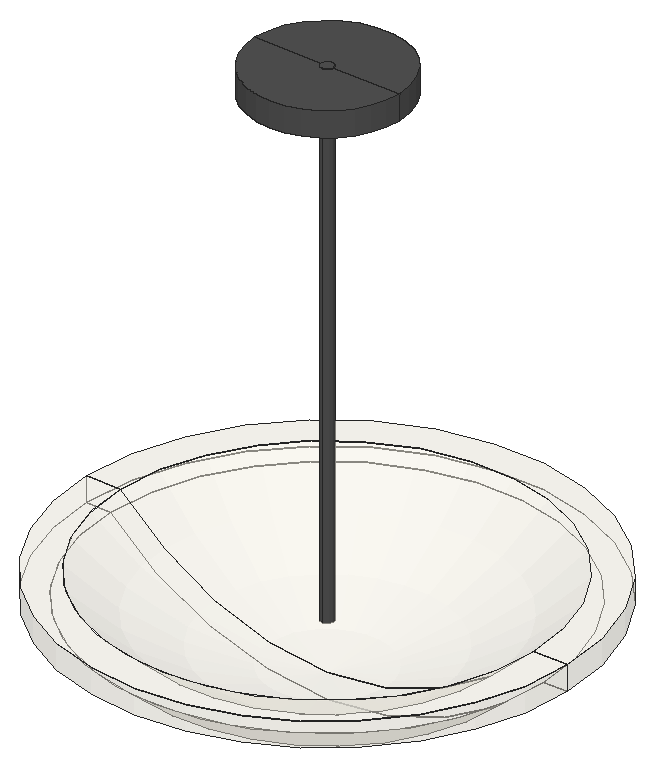
Revit family
Parameters (values of type "150 와트 백열")
  Wattage = 150 W
  built-in parameter 1150110 = 1 (stored number, unit not read)
  built-in parameter 1114217 = 1 (stored number, unit not read)
  built-in parameter 1150109 = 1 (stored number, unit not read)
  built-in parameter 1150134 = 4
  built-in parameter 1150113 = 1 (stored number, unit not read)
  built-in parameter 1150115 = 1 (stored number, unit not read)
  built-in parameter 1150105 = 221.19 (stored number, unit not read)
  Light Source Symbol Size = 609.60 mm
  built-in parameter 1150137 = (empty or 0)
  built-in parameter 1150139 = (empty or 0)
  built-in parameter 1150112 = 1 (stored number, unit not read)
  built-in parameter 1150114 = 1 (stored number, unit not read)
  Lamp = "A-21"
  built-in parameter 1150132 = (empty or 0)
  built-in parameter 1150102 = (empty or 0)
  built-in parameter 1150138 = (empty or 0)
  built-in parameter 1150107 = 2800 (stored number, unit not read)
  built-in parameter 1150106 = 2.2119 (stored number, unit not read)
  built-in parameter 1150104 = 1.7215 (stored number, unit not read)
  Dimming Lamp Color Temperature Shift = (empty or 0)
  Color Filter = 16777215
  천장 장착 = 금속 - 크롬
  천장으로부터의 드롭 = 600.00 mm
  Lumens = 2779.5 lm
  펜던트 = 유리 - 젖빛
  Wattage Comments = "150"
  built-in parameter 1114218 = 1 (stored number, unit not read)
  built-in parameter 1150133 = 10 (stored number, unit not read)
Types (3, lengths in mm): name | Wattage | built-in parameter 1150105 | Lamp | built-in parameter 1150106 | built-in parameter 1150104 | Lumens | Wattage Comments
  (no name) | 150 W | 221.19 (stored number, unit not read) | "A-21" | 2.2119 (stored number, unit not read) | 1.7215 (stored number, unit not read) | 2779.5 lm | "150"
  100 와트 백열 | 100 W | 134.49 (stored number, unit not read) | "A-19" | 1.3449 (stored number, unit not read) | 1.5701 (stored number, unit not read) | 1690 lm | "100"
  150 와트 백열 | 150 W | 221.19 (stored number, unit not read) | "A-21" | 2.2119 (stored number, unit not read) | 1.7215 (stored number, unit not read) | 2779.5 lm | "150"
Reference planes
  plane 1 "조명 축": y = 0
  plane 2 "천장": z = 2438.4
  plane 3 "조명 축": x = 0
  plane 4 "광원 입면도": z = 1914.6
  plane 5: z = 1960.651
  plane 6: z = 1838.4
  plane 7: z = 1935.251
  plane 8: z = 1838.4
Forms (mm)
  Revolve 1, solid, material "금속 - 크롬" <- "천장 장착"
    sketch origin (0, 0, 0) x (1, 0, 0) y (0, 0, 1)
      loop
        line (0, 2438.4) -> (-76.2, 2438.4) -> (-76.2, 2413) -> (0, 2377.467) -> (0, 2438.4)
      axis (0, 2438.4) -> (0, 2377.467)
    angle from 0 to 360
  Revolve 2, solid, material "유리 - 젖빛" <- "펜던트"
    sketch origin (0, 0, 0) x (0, 0, -1) y (1, 0, 0)
      loop
        line (-1838.4, 0) -> (-1863.767, 0)
        arc (-1863.767, 0) -> (-1890.402, -118.856) -> (-1960.651, -218.361) r 310.942
        line (-1960.651, -218.361) -> (-1960.651, -254.3) -> (-1935.128, -254.3) -> (-1935.128, -228.9)
        arc (-1935.128, -228.9) -> (-1864.581, -123.824) -> (-1838.4, 0) r 332.567
      axis (-1960.651, 0) -> (-1838.4, 0)
    angle from 0 to 360
  Extrusion 3, solid, material "금속 - 크롬" <- "천장 장착"
    sketch origin (0, 0, 1914.6) x (0, -1, 0) y (1, 0, 0)
      loop
        circle (0, 0) r 6.35
    from 0 to 523.8
Lines and regions (mm)
  sketch lines
    curve 1: line (-1524, 1524, 0) -> (1524, 1524, 0)
    curve 2: line (-1524, 1524, 0) -> (-1524, -1524, 0)
    curve 3: line (-1524, -1524, 0) -> (1524, -1524, 0)
    curve 4: line (1524, 1524, 0) -> (1524, -1524, 0)
Dimensions and locks
  equal spacing: curve 2, plane 3 "조명 축", curve 4
  equal spacing: curve 3, plane 1 "조명 축", curve 1
  curve 2 to curve 4 = 3048.00 mm
  curve 3 to curve 1 = 3048.00 mm
  plane 5 to plane 7 to plane 6 = 25.40 mm locked, 96.851 mm locked
  "천장으로부터의 드롭": plane 2 "천장" to plane 6
  "천장으로부터의 드롭": plane 2 "천장" to plane 8
  locked: plane 4 "광원 입면도" to plane 8 at 76.2
  aligned and locked: plane 2 "천장" to Extrusion 3
  aligned and locked: plane 3 "조명 축" to imposter light
  aligned and locked: plane 1 "조명 축" to imposter light
  aligned and locked: plane 4 "광원 입면도" to imposter light
Automatic sketch dimensions
  Revolve 1 sketch curve to plane 2 "천장" = 0.00 mm
  Revolve 1 sketch curve to plane 3 "조명 축" = 0.00 mm  (x2)
  Revolve 1 sketch curve to plane 2 "천장" = 25.40 mm
  Revolve 1 sketch curve to plane 3 "조명 축" = 76.20 mm
  Revolve 1 sketch curve to plane 2 "천장" = 60.933 mm
  Revolve 1 sketch curve to Revolve 1 sketch curve = 66.067 mm
  plane 2 "천장" to Revolve 1 sketch curve = 76.20 mm
  Revolve 2 sketch curve to plane 3 "조명 축" = 0.00 mm  (x2)
  Revolve 2 sketch curve to plane 5 = 0.00 mm
  Revolve 2 sketch curve to plane 5 = 50.80 mm
  plane 3 "조명 축" to Revolve 2 sketch curve = 5.628 mm
  Revolve 2 sketch curve to Revolve 2 sketch curve = 159.469 mm
  Revolve 2 sketch curve to Revolve 2 sketch curve = 3.704 mm
  Revolve 2 sketch curve to plane 7 = 0.123 mm
  plane 6 to Revolve 2 sketch curve = 0.00 mm
  Revolve 2 sketch curve to Revolve 2 sketch curve = 55.549 mm
  Revolve 2 sketch curve to plane 6 = 25.367 mm
  Revolve 2 sketch curve to Revolve 2 sketch curve = 10.54 mm
  Revolve 2 sketch curve to Revolve 2 sketch curve = 35.94 mm
  Extrusion 3 sketch curve to plane 3 "조명 축" = 0.00 mm
  Extrusion 3 sketch curve to plane 1 "조명 축" = 0.00 mm
  Extrusion 3 sketch curve to plane 1 "조명 축" = 6.35 mm
